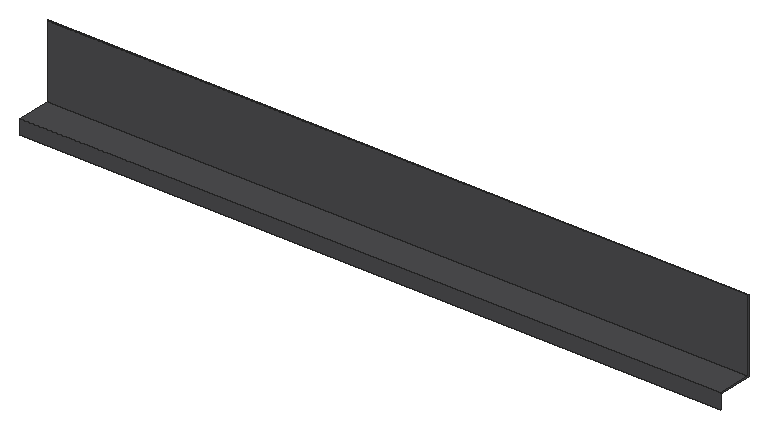
Revit family "BIMLIB_ПримыканиеБоковоеФальц_GRANDLINE", category Обобщенные модели, Revit 2017
Family settings
  Может служить основой для арматурных стержней = Нет
  Размер круглого соединителя = Использовать диаметр
  Тип детали = Нормальный
  При загрузке вырезать с полостями = Нет
  Общий = Нет
  Точка расчета площади = Нет
Parameters (values of type "Примыкание боковое фальц")
  Описание = ADSK_Наименование  # "Примыкание боковое фальц"
  Кровля_Угол [instance] = 0.00°
  Изготовитель = "Grand Line"  # constant formula
  built-in parameter 1001306 [instance] = 1200 mm
  Watermark [instance] = "Модели защищены уникальным кодом"
  URL = "https://www.grandline.ru"
  BL_Разработано = "support@bimlib.pro"
  BL_Email = "info@grandline.ru"
  BL_BIM library = "https://bimlib.pro/manufacturer/company/22430"
  ADSK_Размер_Длина [instance] = [built-in parameter 1001306]  # 1200 mm
  ADSK_Обозначение = "ГОСТ 19904-90, ГОСТ 14918-80"  # constant formula
  ADSK_Наименование = "Примыкание боковое фальц"
  ADSK_Материал тип подсчета = 1  # constant formula
  ADSK_Материал = GL_Сталь_RAL9005
  ADSK_Масса_Текст [instance] = ""
  ADSK_Масса [instance] = 0
  ADSK_Марка = ""
  ADSK_Количество [instance] = if(ADSK_Материал тип подсчета = 0, 1, if(ADSK_Материал тип подсчета = 1, ADSK_Размер_Длина / 1000 mm, 0))  # 1.2
  ADSK_Код изделия = "М15.025.009"  # constant formula
  ADSK_Завод-изготовитель = "Grand Line"  # constant formula
  ADSK_Единица измерения = "м"  # constant formula
  ADSK_Группирование = "Доборные элементы"  # constant formula
  ADSK_Версия Revit = "2017"  # constant formula
  ADSK_URL страницы изделия = ""
  ADSK_URL документации изделия = ""
Reference planes
  plane 1 "По центру (Вперед/Назад)": y = 0
  plane 2: z = 0
  plane 3 "Слева": x = 0
  plane 4 "Справа": x = 1200
Forms (mm)
  Sweep 1, solid, material "GL_Сталь_RAL9005" <- "ADSK_Материал"
    path in 3D
      loop
        line (0, 0, 0) -> (1200, 0, 0)
    profile "Профиль_ПримыканиеБоковоеФальц : Профиль_ПримыканиеБоковоеФальц" origin (600, 0, 0) x (0, 1, 0) y (0, 0, 1)
      loop
        line (0, -0.8) -> (0, 125) -> (-0.8, 125) -> (-0.8, 0) -> (-60, 0) -> (-60, -25) -> (-58.4, -25) -> (-58.4, -10) -> (-59.2, -10) -> (-59.2, -0.8) -> (0, -0.8)
Lines and regions (mm)
  reference lines
    curve 1: line (0, 0, 0) -> (1200, 0, 0)
  sketch lines
    curve 2: line (0, 0, 0) -> (1200, 0, 0)
Dimensions and locks
  "built-in parameter 1001306": plane 3 "Слева" to plane 4 "Справа"
  aligned and locked: plane 4 "Справа" to curve 1
  aligned and locked: plane 1 "По центру (Вперед/Назад)" to curve 1
  aligned and locked: plane 3 "Слева" to curve 1
  aligned and locked: level to plane 2
